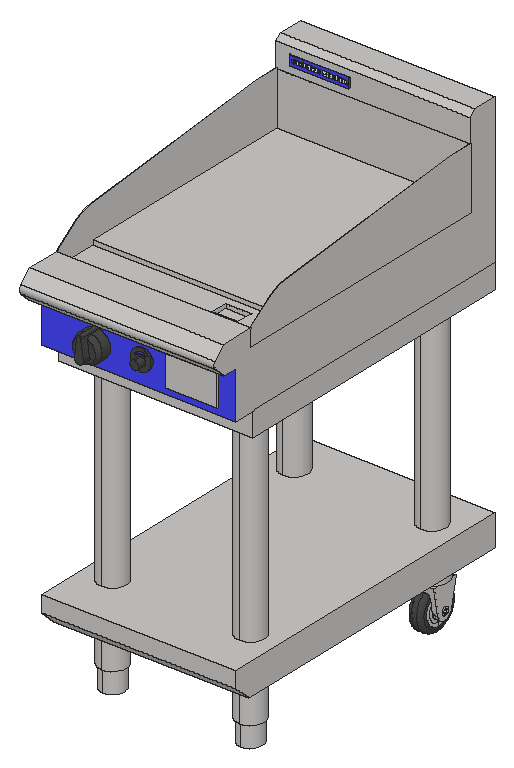
Revit family "QF_MOFFAT_BLUESEAL_CE_GP513-LS", category Specialty Equipment, Revit 2012
Parameters
  Weight in Pounds = 198  # constant formula
  URL Cutsheet = "www.moffat.com"
  URL = "www.moffat.com"
  Type Mark [instance] = ""
  Status [instance] = ""
  Specification by User [instance] = ""
  Specification by Manufacturer = ""
  Show Logo [instance] = yes
  Show Casters [instance] = yes
  Serial Number = ""
  Seismic Rating = ""
  SMACNA No = ""
  Revision Code [instance] = ""
  Omniclass Number and Title = ""
  NAFEM Spec ID Number = ""
  Model = "GP513-LS"
  Mechanical Remarks = ""
  Mechanical Connection Type = ""
  Masterspec = ""
  Manufacturer = "MOFFAT BLUESEAL"
  Legs [instance] = not(Show Casters)  # no
  Item Number [instance] = ""
  Installed By [instance] = ""
  Identify Quantity as Lot [instance] = yes
  Gas Size = 3/4"
  Gas RI Height [instance] = 0 mm
  Gas KW = 11.1
  Gas Input = 37912.0 Btu/h
  Gas Connection Height = 0 mm
  Furnished By [instance] = ""
  Foodservice Equipment Identifier [instance] = yes
  Description = "450MM GAS GRIDDLE PLATE ON LEG STAND"
  CSI MasterFormat = ""
  CSI Master Format = ""
  Base Height [instance] = 150 mm
Reference planes
  plane 1 "BACK": y = 0
  plane 2: z = 0
  plane 3 "LEFT": x = 0
  plane 4 "RIGHT": x = 450
  plane 5 "FRONT": y = -812
  plane 6 "TOP": z = 970
  plane 7 "Center Y": x = 225
  plane 8 "Center X": y = -406
  plane 9 "Base Height": z = 150
  plane 10: z = 915
  plane 11: y = -31
  plane 12: z = 710
  plane 13: x = 470
  plane 14: z = 1085
  plane 15: y = -625
  plane 16: y = -100
Forms (mm)
  Extrusion 1, solid, material "QF_Finishes_Stainless Steel"
    sketch origin (0, 0, 0) x (0, 1, 0) y (0, 0, 1)
      loop
        line (-749, 850) -> (-749, 740) -> (0, 740) -> (0, 1085) -> (-57.5, 1085) -> (-70, 1072.5) -> (-70, 875) -> (-705, 875) -> (-705, 915) -> (-783.97, 915) -> (-808.485, 890.485)
        arc (-808.485, 890.485) -> (-811.999, 882) -> (-808.485, 873.515) r 12
        line (-808.485, 873.515) -> (-784.97, 850) -> (-749, 850)
      loop
        line (0, 685) -> (0, 739.5) -> (-699, 739.5) -> (-699, 685) -> (0, 685)
      loop
        line (0, 222.5) -> (-749, 222.5) -> (-749, 186) -> (-713, 150) -> (0, 150) -> (0, 222.5)
    from 0 to 450
  Revolve 2, solid, material "QF_Finishes_Black"
    sketch origin (133.961, 7, 598.311) x (0, 1, 0) y (0, 0, -1)
      loop
        line (-789, -229.5) -> (-766, -229.5) -> (-766, -202) -> (-756, -202) -> (-756, -197) -> (-800, -197) -> (-800, -223.651) -> (-789, -229.5)
      axis (-800, -197) -> (-756, -197)
    angle from 0 to 360
  Extrusion 3, solid, material "QF_Finishes_Black"
    sketch origin (133.961, -759, 795.311) x (0, 0, 1) y (1, 0, 0)
      loop
        arc (32.192, -4.965) -> (37.079, 0.034) -> (32.192, 5.033) r 5
        line (32.192, 5.033) -> (-10.726, 10.453)
        arc (-10.726, 10.453) -> (-22.392, 0.618) -> (-11.893, -10.454) r 10.487
        line (-11.893, -10.454) -> (32.192, -4.965)
    from 0 to -49
  Extrusion 4, solid, material "QF_Finishes_Stainless Steel"
    sketch origin (0, 0, 222.5) x (0, -1, 0) y (1, 0, 0)
      loop
        circle (100, 65) r 31.75
      loop
        circle (625, 65) r 31.75
      loop
        circle (100, 384.371) r 31.75
      loop
        circle (625, 384.371) r 31.75
    from 0 to 462.5
  Revolve 5, solid, material "QF_Finishes_Stainless Steel", visible <- "Legs"
    sketch origin (65.5, -166, 0) x (0, 1, 0) y (0, 0, 1)
      loop
        line (34.25, 150) -> (34.25, 50) -> (38.5, 50) -> (38.5, 0) -> (66, 0) -> (66, 150) -> (34.25, 150)
      axis (66, 150) -> (66, 0)
    angle from 0 to 360
  Revolve 6, solid, material "QF_Finishes_Stainless Steel"
    sketch origin (65.5, -735, 0) x (0, 1, 0) y (0, 0, 1)
      loop
        line (78.25, 150) -> (78.25, 50) -> (82.5, 50) -> (82.5, 0) -> (110, 0) -> (110, 150) -> (78.25, 150)
      axis (110, 150) -> (110, 0)
    angle from 0 to 360
  Revolve 7, solid, material "QF_Finishes_Stainless Steel", visible <- "Legs"
    sketch origin (384.242, -166, 0) x (0, 1, 0) y (0, 0, -1)
      loop
        line (34.25, -150) -> (66, -150) -> (66, 0) -> (38.5, 0) -> (38.5, -50) -> (34.25, -50) -> (34.25, -150)
      axis (66, -150) -> (66, 0)
    angle from 0 to 360
  Revolve 8, solid, material "QF_Finishes_Stainless Steel"
    sketch origin (384.371, -728, 0) x (0, 1, 0) y (0, 0, -1)
      loop
        line (71.25, -150) -> (103, -150) -> (103, 0) -> (75.5, 0) -> (75.5, -50) -> (71.25, -50) -> (71.25, -150)
      axis (103, -150) -> (103, 0)
    angle from 0 to 360
  Revolve 9, solid, material "QF_Finishes_Stainless Steel", visible <- "Show Casters"
    sketch origin (16.276, -100.755, -13.653) x (1, 0, 0) y (0, 0, 1)
      loop
        line (14.841, 63.604) -> (83.584, 63.604) -> (83.584, 67.109) -> (82.314, 68.379) -> (80.79, 68.379) -> (80.79, 71.826) -> (68.644, 71.826) -> (68.644, 81.79) -> (65.088, 83.843) -> (63.738, 92.179) -> (65.881, 92.179) -> (65.881, 98.529) -> (65.088, 98.529) -> (65.088, 104.879)
        arc (65.088, 104.879) -> (62.298, 111.614) -> (55.563, 114.404) r 9.525
        line (55.563, 114.404) -> (42.863, 114.404)
        arc (42.863, 114.404) -> (36.127, 111.614) -> (33.338, 104.879) r 9.525
        line (33.338, 104.879) -> (33.338, 98.529) -> (32.544, 98.529) -> (32.544, 92.179) -> (34.687, 92.179) -> (33.352, 83.932) -> (29.782, 81.871) -> (29.782, 71.826) -> (17.635, 71.826) -> (17.635, 68.379) -> (16.111, 68.379) -> (14.841, 67.109) -> (14.841, 63.604)
      axis (14.841, 63.604) -> (83.584, 63.604)
    angle from 0 to 360
  Extrusion 10, solid, material "QF_Finishes_Stainless Steel", visible <- "Show Casters"
    sketch origin (72.001, 132.353, -8.783) x (0, 1, 0) y (0, 0, 1)
      loop
        line (-200.603, 118.783) -> (-264.103, 118.783) -> (-251.746, 53.895)
        arc (-251.746, 53.895) -> (-232.353, 38.783) -> (-212.959, 53.895) r 20
        line (-212.959, 53.895) -> (-200.603, 118.783)
    from -35.667 to 22.923
  Revolve 11, solid, material "QF_Finishes_Stainless Steel", visible <- "Show Casters"
    sketch origin (65.5, -204, 0) x (0, 1, 0) y (0, 0, 1)
      loop
        line (68.25, 150) -> (68.25, 110) -> (104, 110) -> (104, 150) -> (68.25, 150)
      axis (104, 150) -> (104, 110)
    angle from 0 to 360
  Revolve 12, solid, material "QF_Finishes_Stainless Steel", visible <- "Legs"
    sketch origin (65.5, -166, 0) x (0, 1, 0) y (0, 0, 1)
      loop
        line (34.25, 150) -> (34.25, 50) -> (38.5, 50) -> (38.5, 0) -> (66, 0) -> (66, 150) -> (34.25, 150)
      axis (66, 150) -> (66, 0)
    angle from 0 to 360
  Revolve 13, solid, material "QF_Finishes_Stainless Steel", visible <- "Show Casters"
    sketch origin (335.019, -100.755, -13.653) x (1, 0, 0) y (0, 0, 1)
      loop
        line (14.841, 63.604) -> (83.584, 63.604) -> (83.584, 67.109) -> (82.314, 68.379) -> (80.79, 68.379) -> (80.79, 71.826) -> (68.644, 71.826) -> (68.644, 81.79) -> (65.088, 83.843) -> (63.738, 92.179) -> (65.881, 92.179) -> (65.881, 98.529) -> (65.088, 98.529) -> (65.088, 104.879)
        arc (65.088, 104.879) -> (62.298, 111.614) -> (55.563, 114.404) r 9.525
        line (55.563, 114.404) -> (42.863, 114.404)
        arc (42.863, 114.404) -> (36.127, 111.614) -> (33.338, 104.879) r 9.525
        line (33.338, 104.879) -> (33.338, 98.529) -> (32.544, 98.529) -> (32.544, 92.179) -> (34.687, 92.179) -> (33.352, 83.932) -> (29.782, 81.871) -> (29.782, 71.826) -> (17.635, 71.826) -> (17.635, 68.379) -> (16.111, 68.379) -> (14.841, 67.109) -> (14.841, 63.604)
      axis (83.584, 63.604) -> (14.841, 63.604)
    angle from 0 to 360
  Extrusion 14, solid, material "QF_Finishes_Stainless Steel", visible <- "Show Casters"
    sketch origin (390.743, 132.353, -8.783) x (0, 1, 0) y (0, 0, 1)
      loop
        line (-200.603, 118.783) -> (-264.103, 118.783) -> (-251.746, 53.895)
        arc (-251.746, 53.895) -> (-232.353, 38.783) -> (-212.959, 53.895) r 20
        line (-212.959, 53.895) -> (-200.603, 118.783)
    from -35.667 to 22.923
  Revolve 15, solid, material "QF_Finishes_Stainless Steel", visible <- "Show Casters"
    sketch origin (384.242, -204, 0) x (0, 1, 0) y (0, 0, 1)
      loop
        line (68.25, 150) -> (68.25, 110) -> (104, 110) -> (104, 150) -> (68.25, 150)
      axis (104, 150) -> (104, 110)
    angle from 0 to 360
  Extrusion 16, solid, material "QF_Finishes_Black"
    sketch origin (-1.25, -749, 864.021) x (0, 0, -1) y (1, 0, 0)
      loop
        circle (70, 235) r 24
      loop
        arc (60.1, 249.913) -> (52.064, 235.125) -> (59.882, 220.219) r 17.868
        arc (59.882, 220.219) -> (60.362, 219.934) -> (60.877, 220.149) r 0.621
        arc (60.877, 220.149) -> (62.314, 222.708) -> (62.658, 225.622) r 7.495
        arc (62.658, 225.622) -> (62.454, 226.55) -> (62.006, 227.388) r 3.472
        arc (62.006, 227.388) -> (59.714, 234.851) -> (61.844, 242.362) r 13.786
        arc (61.844, 242.362) -> (62.484, 243.632) -> (62.749, 245.028) r 5.101
        arc (62.749, 245.028) -> (62.378, 247.547) -> (61.084, 249.739) r 6.611
        arc (61.084, 249.739) -> (60.622, 249.997) -> (60.1, 249.913) r 0.806
    from 0 to 5
  Extrusion 17, solid, material "QF_Finishes_Black"
    sketch origin (-1.25, -754, 864.021) x (0, 0, -1) y (1, 0, 0)
      loop
        circle (73.5, 235) r 10
    from 0 to 18.251
  Extrusion 18, solid, material "QF_Finishes_Stainless Steel"
    sketch origin (450, -749, 867.771) x (0, 0, -1) y (1, 0, 0)
      loop
        line (26.5, -161) -> (113.5, -161) -> (113.5, -42) -> (26.5, -42) -> (26.5, -161)
    from 0 to 2.5
  Extrusion 19, solid, material "QF_Finishes_Stainless Steel"
    sketch origin (450, 0, 1.771) x (0, -1, 0) y (0, 0, 1)
      loop
        line (751.5, 839.5) -> (751.5, 837) -> (769.695, 837) -> (769.695, 839.5) -> (751.5, 839.5)
    from 42 to 161
  Extrusion 20, solid, material "QF_Finishes_Stainless Steel"
    sketch origin (0, 0, 0) x (1, 0, 0) y (0, 1, 0)
      loop
        circle (320, -31) r 9.525
    from 655 to 685
Lines and regions (mm)
  symbolic lines, style "SpecialityEquipmentHiddenLines", visible <- "Show Casters"
    curve 1: line (78.456, -46.735, 0) -> (105.952, -62.61, 0)
    curve 2: line (27.656, -134.723, 0) -> (78.456, -46.735, 0)
    curve 3: line (55.152, -150.598, 0) -> (27.656, -134.723, 0)
    curve 4: line (105.952, -62.61, 0) -> (55.152, -150.598, 0)
    curve 20: line (397.198, -46.735, 0) -> (424.694, -62.61, 0)
    curve 21: line (346.398, -134.723, 0) -> (397.198, -46.735, 0)
    curve 22: line (373.894, -150.598, 0) -> (346.398, -134.723, 0)
    curve 23: line (424.694, -62.61, 0) -> (373.894, -150.598, 0)
  symbolic lines
    curve 5: line (421.959, -18.385, 0) -> (44, -18.385, 0)
    curve 6: arc (44, -18.385, 0) -> (35.34, -23.385, 0) -> (35.34, -33.385, 0) r 10
    curve 7: line (35.34, -33.385, 0) -> (39.381, -40.385, 0)
    curve 8: arc (39.381, -40.385, 0) -> (43.041, -44.045, 0) -> (48.041, -45.385, 0) r 10
    curve 9: line (48.041, -45.385, 0) -> (426, -45.385, 0)
    curve 10: arc (426, -45.385, 0) -> (434.66, -40.385, 0) -> (434.66, -30.385, 0) r 10
    curve 11: line (434.66, -30.385, 0) -> (430.619, -23.385, 0)
    curve 12: arc (430.619, -23.385, 0) -> (426.959, -19.725, 0) -> (421.959, -18.385, 0) r 10
    curve 13: line (0, -783.97, 0) -> (450, -783.97, 0)
    curve 14: line (0, 0, 0) -> (0, -811.999, 0)
    curve 15: line (450, -811.999, 0) -> (450, 0, 0)
    curve 16: line (450, -811.999, 0) -> (0, -811.999, 0)
    curve 17: line (0, -70, 0) -> (450, -70, 0)
    curve 18: line (0, -57.5, 0) -> (450, -57.5, 0)
    curve 19: line (450, 0, 0) -> (0, 0, 0)
Dimensions and locks
  equal spacing: plane 3 "LEFT", plane 7 "Center Y", plane 4 "RIGHT"
  plane 3 "LEFT" to plane 4 "RIGHT" = 450 mm
  equal spacing: plane 5 "FRONT", plane 8 "Center X", plane 1 "BACK"
  plane 5 "FRONT" to plane 1 "BACK" = 812 mm  (x2)
  equal spacing: plane 4 "RIGHT", plane 7 "Center Y", plane 3 "LEFT"
  plane 4 "RIGHT" to plane 3 "LEFT" = 450 mm
  "Base Height": plane 9 "Base Height" to level
  plane 6 "TOP" to level = 970 mm
  plane 10 to level = 915 mm
  plane 11 to plane 1 "BACK" = 31 mm
  plane 12 to level = 710 mm
  plane 4 "RIGHT" to plane 13 = 20 mm
  plane 14 to plane 2 = 1085 mm
  Revolve 9 sketch curve to Revolve 9 sketch curve = 50.8 mm
  Revolve 13 sketch curve to Revolve 13 sketch curve = 50.8 mm
  Extrusion 20 sketch curve to plane 4 "RIGHT" = 130 mm
  aligned and locked: level to plane 2
Automatic sketch dimensions
  plane 10 to Extrusion 1 sketch curve = 0 mm
  Extrusion 1 sketch curve to plane 9 "Base Height" = 0 mm
  plane 14 to Extrusion 1 sketch curve = 0 mm
  Extrusion 1 sketch curve to plane 1 "BACK" = 0 mm  (x3)
  Extrusion 1 sketch curve to plane 11 = 26.5 mm
  plane 14 to Extrusion 1 sketch curve = 12.5 mm
  Extrusion 1 sketch curve to Extrusion 1 sketch curve = 12.5 mm
  Extrusion 1 sketch curve to plane 12 = 25 mm
  Extrusion 1 sketch curve to plane 5 "FRONT" = 113 mm
  Extrusion 1 sketch curve to plane 5 "FRONT" = 107 mm
  Extrusion 1 sketch curve to plane 5 "FRONT" = 99 mm
  Extrusion 1 sketch curve to Extrusion 1 sketch curve = 44 mm
  Extrusion 1 sketch curve to Extrusion 1 sketch curve = 36 mm
  Extrusion 1 sketch curve to plane 5 "FRONT" = 28.03 mm
  Extrusion 1 sketch curve to plane 5 "FRONT" = 27.03 mm
  Extrusion 1 sketch curve to plane 5 "FRONT" = 12.001 mm
  Extrusion 1 sketch curve to plane 5 "FRONT" = 3.515 mm  (x2)
  plane 9 "Base Height" to Extrusion 1 sketch curve = 36 mm
  plane 9 "Base Height" to Extrusion 1 sketch curve = 72.5 mm
  plane 12 to Extrusion 1 sketch curve = 29.5 mm
  Extrusion 1 sketch curve to Extrusion 1 sketch curve = 0.5 mm
  plane 10 to Extrusion 1 sketch curve = 65 mm
  Extrusion 1 sketch curve to Extrusion 1 sketch curve = 23.515 mm
  plane 10 to Extrusion 1 sketch curve = 40 mm
  Extrusion 1 sketch curve to Extrusion 1 sketch curve = 8.485 mm
  Revolve 2 sketch curve to plane 5 "FRONT" = 19 mm
  Revolve 2 sketch curve to Revolve 2 sketch curve = 0 mm  (x2)
  Revolve 2 sketch curve to Revolve 2 sketch curve = 11 mm
  Revolve 2 sketch curve to Revolve 2 sketch curve = 12.7 mm
  Revolve 2 sketch curve to Revolve 2 sketch curve = 23 mm
  Revolve 2 sketch curve to Revolve 2 sketch curve = 10 mm
  plane 10 to Revolve 2 sketch curve = 87.189 mm
  Revolve 2 sketch curve to Revolve 2 sketch curve = 5.849 mm
  Revolve 2 sketch curve to Revolve 2 sketch curve = 27.5 mm
  Revolve 2 sketch curve to Revolve 2 sketch curve = 5 mm
  Extrusion 4 sketch curve to Extrusion 4 sketch curve = 0 mm  (x8)
  Extrusion 1 to Extrusion 4 sketch curve = 68.25 mm  (x2)
  Extrusion 4 sketch curve to Extrusion 4 sketch curve = 31.75 mm  (x4)
  Extrusion 4 sketch curve to Extrusion 1 = 155.75 mm  (x2)
  Extrusion 1 to Extrusion 4 sketch curve = 65 mm  (x2)
  Extrusion 1 to Extrusion 4 sketch curve = 65.629 mm  (x2)
  Revolve 5 sketch curve to plane 9 "Base Height" = 0 mm
  Revolve 5 sketch curve to level = 0 mm
  Revolve 5 sketch curve to plane 11 = 100.75 mm
  Revolve 5 sketch curve to Revolve 5 sketch curve = 4.25 mm
  Revolve 5 sketch curve to Revolve 5 sketch curve = 27.5 mm  (x2)
  Revolve 5 sketch curve to Revolve 5 sketch curve = 55 mm
  level to Revolve 5 sketch curve = 50 mm
  Revolve 5 sketch curve to Revolve 5 sketch curve = 0 mm
  Revolve 6 sketch curve to plane 9 "Base Height" = 0 mm
  Revolve 6 sketch curve to level = 0 mm
  level to Revolve 6 sketch curve = 50 mm
  Revolve 6 sketch curve to plane 5 "FRONT" = 155.25 mm
  Revolve 6 sketch curve to Revolve 6 sketch curve = 4.25 mm
  Revolve 6 sketch curve to Revolve 6 sketch curve = 27.5 mm  (x2)
  Revolve 6 sketch curve to Revolve 6 sketch curve = 55 mm
  Revolve 6 sketch curve to Revolve 6 sketch curve = 0 mm
  Revolve 7 sketch curve to plane 9 "Base Height" = 0 mm
  Revolve 7 sketch curve to level = 0 mm
  Revolve 7 sketch curve to plane 11 = 100.75 mm
  Revolve 7 sketch curve to Revolve 7 sketch curve = 4.25 mm
  Revolve 7 sketch curve to Revolve 7 sketch curve = 27.5 mm  (x2)
  level to Revolve 7 sketch curve = 50 mm
  Revolve 7 sketch curve to Revolve 7 sketch curve = 0 mm
  Revolve 7 sketch curve to Revolve 7 sketch curve = 55 mm
  Revolve 8 sketch curve to plane 9 "Base Height" = 0 mm
  Revolve 8 sketch curve to level = 0 mm
  level to Revolve 8 sketch curve = 50 mm
  Revolve 8 sketch curve to plane 5 "FRONT" = 155.25 mm
  Revolve 8 sketch curve to Revolve 8 sketch curve = 4.25 mm
  Revolve 8 sketch curve to Revolve 8 sketch curve = 27.5 mm  (x2)
  Revolve 8 sketch curve to Revolve 8 sketch curve = 0 mm
  Revolve 8 sketch curve to Revolve 8 sketch curve = 55 mm
  plane 3 "LEFT" to Revolve 9 sketch curve = 31.118 mm
  Revolve 9 sketch curve to Revolve 9 sketch curve = 1.27 mm  (x4)
  Revolve 9 sketch curve to Revolve 9 sketch curve = 1.524 mm  (x2)
  Revolve 9 sketch curve to Revolve 9 sketch curve = 12.146 mm  (x2)
  Revolve 9 sketch curve to Revolve 9 sketch curve = 2.762 mm
  Revolve 9 sketch curve to Revolve 9 sketch curve = 0.794 mm  (x2)
  Revolve 9 sketch curve to Revolve 9 sketch curve = 3.57 mm
  Revolve 9 sketch curve to Revolve 9 sketch curve = 2.143 mm
  Revolve 9 sketch curve to Revolve 9 sketch curve = 9.525 mm
  Revolve 9 sketch curve to Revolve 9 sketch curve = 24.572 mm
  Revolve 9 sketch curve to Revolve 9 sketch curve = 12.7 mm
  Revolve 9 sketch curve to Revolve 9 sketch curve = 8.176 mm
  Revolve 9 sketch curve to Revolve 9 sketch curve = 1.349 mm  (x2)
  Revolve 9 sketch curve to Revolve 9 sketch curve = 3.556 mm
  Revolve 9 sketch curve to Revolve 9 sketch curve = 33.32 mm
  level to Revolve 9 sketch curve = 49.952 mm
  Revolve 9 sketch curve to Revolve 9 sketch curve = 0 mm
  Revolve 9 sketch curve to Revolve 9 sketch curve = 3.505 mm  (x2)
  Revolve 9 sketch curve to Revolve 9 sketch curve = 3.447 mm  (x2)
  Revolve 9 sketch curve to Revolve 9 sketch curve = 9.964 mm
  Revolve 9 sketch curve to Revolve 9 sketch curve = 10.045 mm
  Revolve 9 sketch curve to Revolve 9 sketch curve = 2.053 mm
  Revolve 9 sketch curve to Revolve 9 sketch curve = 2.061 mm
  Revolve 9 sketch curve to Revolve 9 sketch curve = 8.247 mm
  Revolve 9 sketch curve to Revolve 9 sketch curve = 8.336 mm
  Revolve 9 sketch curve to Revolve 9 sketch curve = 6.35 mm  (x2)
  Extrusion 10 sketch curve to plane 9 "Base Height" = 40 mm
  Extrusion 10 sketch curve to plane 11 = 100.75 mm
  Extrusion 10 sketch curve to Extrusion 10 sketch curve = 12.357 mm
  Extrusion 10 sketch curve to Extrusion 10 sketch curve = 19.393 mm  (x2)
  level to Extrusion 10 sketch curve = 45.111 mm
  Extrusion 10 sketch curve to plane 11 = 37.25 mm
  Extrusion 10 sketch curve to Extrusion 10 sketch curve = 4.889 mm
  Revolve 11 sketch curve to plane 9 "Base Height" = 0 mm
  Revolve 11 sketch curve to plane 9 "Base Height" = 40 mm
  Revolve 11 sketch curve to plane 11 = 104.75 mm
  Revolve 11 sketch curve to plane 11 = 69 mm
  Revolve 11 sketch curve to Revolve 11 sketch curve = 35.75 mm
  level to Revolve 11 sketch curve = 50 mm
  Revolve 11 sketch curve to level = 55 mm
  Revolve 12 sketch curve to plane 9 "Base Height" = 0 mm
  Revolve 12 sketch curve to level = 0 mm
  Revolve 12 sketch curve to plane 11 = 100.75 mm
  Revolve 12 sketch curve to Revolve 12 sketch curve = 4.25 mm
  Revolve 12 sketch curve to Revolve 12 sketch curve = 27.5 mm  (x2)
  Revolve 12 sketch curve to level = 55 mm
  Revolve 12 sketch curve to Revolve 12 sketch curve = 50 mm
  Revolve 12 sketch curve to Revolve 12 sketch curve = 0 mm
  Revolve 13 sketch curve to plane 13 = 120.14 mm
  Revolve 13 sketch curve to Revolve 13 sketch curve = 1.27 mm  (x4)
  Revolve 13 sketch curve to Revolve 13 sketch curve = 1.524 mm  (x2)
  Revolve 13 sketch curve to Revolve 13 sketch curve = 12.146 mm  (x2)
  Revolve 13 sketch curve to Revolve 13 sketch curve = 2.762 mm
  Revolve 13 sketch curve to Revolve 13 sketch curve = 0.794 mm  (x2)
  Revolve 13 sketch curve to Revolve 13 sketch curve = 3.57 mm
  Revolve 13 sketch curve to Revolve 13 sketch curve = 2.143 mm
  Revolve 13 sketch curve to Revolve 13 sketch curve = 9.525 mm
  Revolve 13 sketch curve to Revolve 13 sketch curve = 24.572 mm
  Revolve 13 sketch curve to Revolve 13 sketch curve = 12.7 mm
  Revolve 13 sketch curve to Revolve 13 sketch curve = 8.176 mm
  Revolve 13 sketch curve to Revolve 13 sketch curve = 1.349 mm  (x2)
  Revolve 13 sketch curve to Revolve 13 sketch curve = 3.556 mm
  plane 4 "RIGHT" to Revolve 13 sketch curve = 148.077 mm
  level to Revolve 13 sketch curve = 49.952 mm
  Revolve 13 sketch curve to Revolve 13 sketch curve = 0 mm
  Revolve 13 sketch curve to Revolve 13 sketch curve = 3.505 mm  (x2)
  Revolve 13 sketch curve to Revolve 13 sketch curve = 3.447 mm  (x2)
  Revolve 13 sketch curve to Revolve 13 sketch curve = 9.964 mm
  Revolve 13 sketch curve to Revolve 13 sketch curve = 10.045 mm
  Revolve 13 sketch curve to Revolve 13 sketch curve = 2.053 mm
  Revolve 13 sketch curve to Revolve 13 sketch curve = 2.061 mm
  Revolve 13 sketch curve to Revolve 13 sketch curve = 8.247 mm
  Revolve 13 sketch curve to Revolve 13 sketch curve = 8.336 mm
  Revolve 13 sketch curve to Revolve 13 sketch curve = 6.35 mm  (x2)
  Extrusion 14 sketch curve to plane 9 "Base Height" = 40 mm
  Extrusion 14 sketch curve to plane 11 = 100.75 mm
  Extrusion 14 sketch curve to Extrusion 14 sketch curve = 12.357 mm
  Extrusion 14 sketch curve to Extrusion 14 sketch curve = 19.393 mm  (x2)
  level to Extrusion 14 sketch curve = 45.111 mm
  Extrusion 14 sketch curve to plane 11 = 37.25 mm
  Extrusion 14 sketch curve to Extrusion 14 sketch curve = 4.889 mm
  Revolve 15 sketch curve to plane 9 "Base Height" = 0 mm
  Revolve 15 sketch curve to plane 9 "Base Height" = 40 mm
  Revolve 15 sketch curve to plane 11 = 104.75 mm
  Revolve 15 sketch curve to plane 11 = 69 mm
  Revolve 15 sketch curve to Revolve 15 sketch curve = 35.75 mm
  level to Revolve 15 sketch curve = 50 mm
  Revolve 15 sketch curve to level = 55 mm
  Extrusion 3 sketch curve to Revolve 2 = 0.034 mm  (x2)
  Revolve 2 to Extrusion 3 sketch curve = 10.454 mm
  Extrusion 3 sketch curve to Extrusion 3 sketch curve = 0.028 mm
  Extrusion 3 sketch curve to Revolve 2 = 10.453 mm
  Extrusion 3 sketch curve to Extrusion 3 sketch curve = 44 mm
  Extrusion 3 sketch curve to Revolve 2 = 5.033 mm
  Extrusion 3 sketch curve to Extrusion 3 sketch curve = 0.113 mm
  Revolve 2 to Extrusion 3 sketch curve = 4.965 mm
  Extrusion 16 sketch curve to plane 7 "Center Y" = 1.223 mm
  plane 9 "Base Height" to Extrusion 16 sketch curve = 658.834 mm
  Extrusion 16 sketch curve to Extrusion 16 sketch curve = 0.958 mm
  Extrusion 16 sketch curve to Extrusion 16 sketch curve = 1.509 mm
  Extrusion 16 sketch curve to Extrusion 16 sketch curve = 4.01 mm
  Extrusion 16 sketch curve to Extrusion 16 sketch curve = 0.685 mm
  Extrusion 16 sketch curve to Extrusion 16 sketch curve = 2.447 mm
  Extrusion 16 sketch curve to Extrusion 16 sketch curve = 0.524 mm
  Extrusion 16 sketch curve to Extrusion 16 sketch curve = 0.381 mm
  Extrusion 16 sketch curve to Extrusion 16 sketch curve = 0.472 mm
  Extrusion 16 sketch curve to Extrusion 16 sketch curve = 0 mm  (x4)
  Extrusion 16 sketch curve to Extrusion 16 sketch curve = 0.602 mm
  Extrusion 16 sketch curve to Extrusion 16 sketch curve = 4.19 mm
  plane 7 "Center Y" to Extrusion 16 sketch curve = 1.138 mm
  Extrusion 16 sketch curve to Extrusion 16 sketch curve = 2.809 mm
  Extrusion 16 sketch curve to plane 7 "Center Y" = 0.628 mm
  Extrusion 16 sketch curve to Extrusion 16 sketch curve = 0.652 mm
  Extrusion 16 sketch curve to Extrusion 16 sketch curve = 0.905 mm
  Extrusion 16 sketch curve to Extrusion 16 sketch curve = 8.087 mm
  Extrusion 16 sketch curve to Extrusion 16 sketch curve = 0.069 mm
  Extrusion 16 sketch curve to Extrusion 16 sketch curve = 3.5 mm
  plane 7 "Center Y" to Extrusion 16 sketch curve = 8.743 mm
  Extrusion 16 sketch curve to Extrusion 16 sketch curve = 0.007 mm
  plane 4 "RIGHT" to Extrusion 18 sketch curve = 42 mm
  plane 9 "Base Height" to Extrusion 18 sketch curve = 691.271 mm
  plane 9 "Base Height" to Extrusion 18 sketch curve = 604.271 mm
  plane 7 "Center Y" to Extrusion 18 sketch curve = 64 mm
  Extrusion 19 sketch curve to plane 5 "FRONT" = 60.5 mm
  Extrusion 19 sketch curve to Extrusion 19 sketch curve = 18.195 mm
  plane 9 "Base Height" to Extrusion 19 sketch curve = 688.771 mm
  Extrusion 19 sketch curve to Extrusion 19 sketch curve = 2.5 mm
  Extrusion 20 sketch curve to plane 11 = 0 mm
  curve 13 to plane 3 "LEFT" = 0 mm
  plane 1 "BACK" to curve 19 = 0 mm
  curve 19 to plane 4 "RIGHT" = 0 mm
  plane 3 "LEFT" to curve 2 = 27.656 mm
  curve 7 to plane 11 = 2.385 mm
  plane 3 "LEFT" to curve 7 = 35.34 mm
  curve 7 to plane 11 = 9.385 mm
  curve 7 to curve 7 = 4.041 mm
  plane 11 to curve 6 = 2.615 mm
  curve 7 to curve 6 = 8.66 mm
  curve 6 to curve 8 = 4.041 mm
  curve 2 to curve 3 = 27.496 mm
  curve 1 to plane 11 = 15.735 mm
  curve 8 to curve 1 = 30.414 mm
  plane 16 to curve 22 = 34.723 mm
  plane 4 "RIGHT" to curve 22 = 103.602 mm
  plane 16 to curve 22 = 50.598 mm
  curve 21 to curve 22 = 27.496 mm
  curve 21 to plane 11 = 15.735 mm
  plane 4 "RIGHT" to curve 5 = 28.041 mm
  curve 20 to curve 9 = 1.306 mm
  plane 11 to curve 11 = 7.615 mm
  curve 5 to curve 11 = 8.66 mm
  plane 11 to curve 10 = 0.615 mm
  curve 11 to curve 10 = 4.041 mm
  plane 16 to curve 4 = 50.598 mm
  curve 13 to plane 5 "FRONT" = 28.03 mm
  curve 16 to plane 5 "FRONT" = 0.001 mm
  curve 17 to plane 16 = 30 mm
  curve 17 to curve 18 = 12.5 mm
  curve 8 to curve 7 = 5 mm
  radius of Extrusion 16 sketch curve = 24 mm
  radius of Extrusion 17 sketch curve to Extrusion 16 = 3.786 mm
  radius of Extrusion 20 sketch curve = 9.525 mm
Nested families
  nested 1: "WALDORF LOGO_FACE BASE" at (32, -70, 1057.475) x (1, 0, 0) z (0, -1, 0), visible <- "Show Logo", type "WALDORF LOGO_FACE BASE", detail levels medium+fine
    with Show Logo yes
  nested 2: "GAS GRIDDLE PLATE 450" at (0, -70, 874.5), type "GAS GRIDDLE PLATE 450"
    with Width 450 mm, Type Mark "", Status "", Specification by User "", Show Clearance yes, Revision Code "", Number of Poles 1, Mechanical Remarks "", Mechanical Connection Type "", Item Number "", Installed By "", Identify Quantity as Lot yes, Gas RI Height 0 mm, Gas KW 0, Gas Input 0.0 Btu/h, Furnished By "", Foodservice Equipment Identifier yes, Electrical Remarks "", Electric Connection Type "", Elec Conn RI Height 0 mm, Elec Conn Connection Height 0 mm, Depth 635 mm
Connectors
  piping at (320, -31, 655)
    settings: on Extrusion 20, index 1, connector radius 0.37402", flow factor 0, pipe flow 0 GPM, pressure drop 0.00 psi, fitting loss kfactor 0, connector angle 0.00°, fixture units 0, engagement length 0 mm, flow configuration 1, flow direction 1, fitting loss method 0, system type 7, joint type 0, gender type 0, connector reference index -1, connector utility 0, adjustable connector no, is connector primary yes, fitting loss table "", connector description "GAS CONNECTION"
Definition of nested family "WALDORF LOGO_FACE BASE"
  Parameters (values of type "WALDORF LOGO_FACE BASE")
    Show Logo [instance] = yes
    Default Elevation = 1219.2 mm
  Reference planes
    plane 1 "Center (Front/Back)": y = 0
    plane 2: z = 0
    plane 3 "Center (Left/Right)": x = 0
  Forms (mm)
    Extrusion 1, solid
      sketch origin (0, 0, 0) x (1, 0, 0) y (0, 1, 0)
        loop
          line (-1219.2, 1219.2) -> (-1219.2, -1219.2) -> (1219.2, -1219.2) -> (1219.2, 1219.2) -> (-1219.2, 1219.2)
      from 0 to -304.8
    Extrusion 2, solid, material "QF_Finishes_Blue", visible <- "Show Logo"
      sketch origin (0, -33.217, 0) x (1, 0, 0) y (0, 1, 0)
        loop
          arc (138, 31.942) -> (137.626, 32.844) -> (136.724, 33.217) r 1.276
          line (136.724, 33.217) -> (1.29, 33.217)
          arc (1.29, 33.217) -> (0.378, 32.839) -> (0, 31.927) r 1.29
          line (0, 31.927) -> (0, 11.507)
          arc (0, 11.507) -> (0.378, 10.595) -> (1.29, 10.217) r 1.29
          line (1.29, 10.217) -> (136.71, 10.217)
          arc (136.71, 10.217) -> (137.622, 10.595) -> (138, 11.507) r 1.29
          line (138, 11.507) -> (138, 31.942)
      from 0 to 1.588
    Extrusion 3, solid, material "QF_Finishes_White", visible <- "Show Logo"
      sketch origin (0, -33.217, 1.588) x (1, 0, 0) y (0, 1, 0)
        loop
          arc (108.946, 25.919) -> (107.613, 25.367) -> (107.061, 24.034) r 1.885
          line (107.061, 24.034) -> (107.061, 17.211) -> (112.704, 17.211) -> (112.704, 19.129) -> (115.546, 19.129) -> (115.546, 17.211) -> (121.584, 17.211) -> (121.584, 24.075)
          arc (121.584, 24.075) -> (121.043, 25.379) -> (119.739, 25.919) r 1.845
          line (119.739, 25.919) -> (108.946, 25.919)
        loop
          line (123.478, 25.919) -> (123.478, 17.163) -> (134.904, 17.163) -> (134.904, 19.129) -> (129.246, 19.129) -> (129.246, 25.919) -> (123.478, 25.919)
        loop
          line (112.704, 21.258) -> (115.546, 21.258) -> (115.546, 22.702)
          arc (115.546, 22.702) -> (115.344, 23.188) -> (114.858, 23.389) r 0.687
          line (114.858, 23.389) -> (113.363, 23.389)
          arc (113.363, 23.389) -> (112.897, 23.196) -> (112.704, 22.73) r 0.658
          line (112.704, 22.73) -> (112.704, 21.258)
        loop
          line (105.071, 25.919) -> (93.771, 25.919) -> (93.771, 17.163) -> (105.071, 17.163) -> (105.071, 19.063) -> (99.535, 19.063) -> (99.535, 20.437) -> (105.071, 20.437) -> (105.071, 22.278) -> (99.535, 22.278) -> (99.535, 23.587) -> (105.071, 23.587) -> (105.071, 25.919)
        loop
          line (91.104, 25.919) -> (79.541, 25.919)
          arc (79.541, 25.919) -> (78.558, 25.513) -> (78.152, 24.53) r 1.389
          line (78.152, 24.53) -> (78.152, 22.08)
          arc (78.152, 22.08) -> (78.558, 21.098) -> (79.541, 20.691) r 1.389
          line (79.541, 20.691) -> (86.346, 20.691) -> (86.346, 18.864) -> (83.266, 18.864) -> (83.266, 19.664) -> (78.152, 19.664) -> (78.152, 18.553)
          arc (78.152, 18.553) -> (78.558, 17.57) -> (79.541, 17.163) r 1.389
          line (79.541, 17.163) -> (91.063, 17.163)
          arc (91.063, 17.163) -> (92.045, 17.57) -> (92.452, 18.553) r 1.389
          line (92.452, 18.553) -> (92.452, 20.691)
          arc (92.452, 20.691) -> (92.045, 21.673) -> (91.063, 22.08) r 1.389
          line (91.063, 22.08) -> (83.266, 22.08) -> (83.266, 23.984) -> (86.346, 23.984) -> (86.346, 22.743) -> (92.452, 22.743) -> (92.452, 24.571)
          arc (92.452, 24.571) -> (92.057, 25.524) -> (91.104, 25.919) r 1.348
        loop
          line (70.705, 25.919) -> (59.405, 25.919) -> (59.405, 17.163) -> (70.705, 17.163) -> (70.705, 19.063) -> (65.169, 19.063) -> (65.169, 20.437) -> (70.705, 20.437) -> (70.705, 22.278) -> (65.169, 22.278) -> (65.169, 23.587) -> (70.705, 23.587) -> (70.705, 25.919)
        loop
          line (57.598, 25.919) -> (51.7, 25.919) -> (51.7, 20.18)
          arc (51.7, 20.18) -> (50.63, 19.11) -> (49.56, 20.18) r 1.07
          line (49.56, 20.18) -> (49.56, 25.919) -> (43.663, 25.919) -> (43.663, 19.049)
          arc (43.663, 19.049) -> (44.215, 17.716) -> (45.548, 17.163) r 1.885
          line (45.548, 17.163) -> (55.71, 17.163)
          arc (55.71, 17.163) -> (57.045, 17.716) -> (57.598, 19.051) r 1.887
          line (57.598, 19.051) -> (57.598, 25.919)
        loop
          line (31.62, 25.919) -> (31.62, 17.163) -> (43.046, 17.163) -> (43.046, 19.129) -> (37.388, 19.129) -> (37.388, 25.919) -> (31.62, 25.919)
        loop
          line (15.969, 25.919) -> (15.969, 17.163) -> (28.693, 17.163)
          arc (28.693, 17.163) -> (29.812, 17.627) -> (30.276, 18.746) r 1.582
          line (30.276, 18.746) -> (30.276, 20.447) -> (29.48, 21.243) -> (30.276, 22.039) -> (30.276, 24.332)
          arc (30.276, 24.332) -> (29.811, 25.454) -> (28.688, 25.919) r 1.587
          line (28.688, 25.919) -> (15.969, 25.919)
        loop
          line (21.449, 24.159) -> (21.449, 22.436) -> (23.862, 22.436)
          arc (23.862, 22.436) -> (24.723, 23.298) -> (23.862, 24.159) r 0.861
          line (23.862, 24.159) -> (21.449, 24.159)
        loop
          line (21.449, 20.244) -> (21.449, 18.522) -> (23.862, 18.522)
          arc (23.862, 18.522) -> (24.723, 19.383) -> (23.862, 20.244) r 0.861
          line (23.862, 20.244) -> (21.449, 20.244)
      from 0 to 0.2
    Extrusion 4, solid, material "QF_Finishes_Blue", visible <- "Show Logo"
      sketch origin (-126.498, -31.09, 1.588) x (1, 0, 0) y (0, 1, 0)
        loop
          line (136.738, 23.522) -> (136.738, 15.1)
          arc (136.738, 15.1) -> (140.756, 19.311) -> (136.738, 23.522) r 4.216
      from 0 to 0.2
    Extrusion 5, solid, material "QF_Finishes_Red", visible <- "Show Logo"
      sketch origin (146.849, -31.09, 1.588) x (-1, 0, 0) y (0, -1, 0)
        loop
          arc (136.738, -23.522) -> (140.756, -19.311) -> (136.738, -15.1) r 4.216
          line (136.738, -15.1) -> (136.738, -23.522)
      from 0 to 0.2
  Lines and regions (mm)
    Split face 1
      outline origin (-90.35, -30.793, 1.588) x (1, 0, 0) y (0, 1, 0)
        loop
          circle (100.54, 19.013) r 4.536
  Dimensions and locks
    aligned and locked: plane 2 to Extrusion 1
    aligned and locked: level to Extrusion 1
Definition of nested family "GAS GRIDDLE PLATE 450"
  Parameters (values of type "GAS GRIDDLE PLATE 450")
    Width [instance] = 450 mm
    Weight in Pounds = 0
    Watts = 0 W
    Volts = 0 V
    URL Cutsheet = ""
    Type Mark [instance] = ""
    Status [instance] = ""
    Specification by User [instance] = ""
    Specification by Manufacturer = ""
    Show Clearance [instance] = yes
    Serial Number = ""
    Seismic Rating = ""
    SMACNA No = ""
    Revision Code [instance] = ""
    Phase = 1
    Omniclass Number and Title = ""
    Number of Poles [instance] = 1
    NAFEM Spec ID Number = ""
    Min Ckt Ampacity = 0 A
    Mechanical Remarks [instance] = ""
    Mechanical Connection Type [instance] = ""
    Max Overcurrent Protection = 0 A
    Masterspec = ""
    Item Number [instance] = ""
    Installed By [instance] = ""
    Identify Quantity as Lot [instance] = yes
    HP = ""
    Gas Size = 0"
    Gas RI Height [instance] = 0 mm
    Gas KW [instance] = 0
    Gas Input [instance] = 0.0 Btu/h
    Gas Connection Height = 0 mm
    Furnished By [instance] = ""
    Foodservice Equipment Identifier [instance] = yes
    FL Amps = 0 A
    Electrical Remarks [instance] = ""
    Electric Connection Type [instance] = ""
    Elec Conn RI Height [instance] = 0 mm
    Elec Conn Connection Height [instance] = 0 mm
    Depth [instance] = 635 mm
    Cycle = 0 Hz
    Conn Plug = ""
    Conn Conduit = yes
    CSI MasterFormat = ""
    CSI Master Format = ""
    Apparent Power = if(Phase = 3, Volts * FL Amps * 1.73, Volts * FL Amps)  # 0 VA
  Reference planes
    plane 1 "BACK": y = 0
    plane 2: z = 0
    plane 3 "LEFT": x = 0
    plane 4 "RIGHT": x = 450
    plane 5 "FRONT": y = -635
    plane 6 "TOP": z = 142.5
    plane 7 "Center Y": x = 225
    plane 8 "Center X": y = -317.5
    plane 9: y = -530.997
    plane 10: y = -541.497
    plane 11: y = -503.25
    plane 12: y = -557.737
  Forms (mm)
    Extrusion 1, solid, material "QF_Finishes_Stainless Steel"
      sketch origin (0, 70.003, -874.5) x (0, 1, 0) y (0, 0, 1)
        loop
          line (-70, 875) -> (-70, 1017) -> (-127.048, 1017) -> (-604.533, 971.023)
          arc (-604.533, 971.023) -> (-629.56, 965.303) -> (-652.306, 953.399) r 100
          line (-652.306, 953.399) -> (-705.003, 916.5) -> (-705.003, 875) -> (-70, 875)
      from 0 to 1.8
    Extrusion 2, solid, material "QF_Finishes_Stainless Steel"
      sketch origin (600, 70.003, -874.5) x (0, -1, 0) y (0, 0, 1)
        loop
          line (70, 875) -> (705.003, 875) -> (705.003, 916.5) -> (652.306, 953.399)
          arc (652.306, 953.399) -> (629.56, 965.303) -> (604.533, 971.023) r 100
          line (604.533, 971.023) -> (127.048, 1017) -> (70, 1017) -> (70, 875)
      from 150 to 151.2
    Extrusion 3, solid, material "QF_Finishes_Stainless Steel"
      sketch origin (150, 70.003, -874.5) x (0, 1, 0) y (0, 0, 1)
        loop
          line (-70.003, 894) -> (-602.103, 894) -> (-602.103, 884.5) -> (-683.795, 884.5) -> (-683.795, 895) -> (-705.003, 895) -> (-705.003, 875) -> (-70.003, 875) -> (-70.003, 894)
      from -148.2 to 298.8
    Extrusion 4, void
      sketch origin (150, -561.497, 10) x (0, -1, 0) y (1, 0, 0)
        loop
          line (-9.205, 174.25) -> (29.295, 174.25) -> (29.295, 234.25) -> (-9.205, 234.25) -> (-9.205, 174.25)
      from -41.4 to 40.142
    Extrusion 5, solid, material "QF_Finishes_Stainless Steel"
      sketch origin (0, 0, 0) x (1, 0, 0) y (0, 1, 0)
        loop
          line (1.8, 0) -> (1.8, -1.2) -> (448.8, -1.2) -> (448.8, 0) -> (1.8, 0)
      from 19.5 to 142.5
  Cuts and joins
    Extrusion 4 cuts Extrusion 3
    joined: Extrusion 1, Extrusion 2, Extrusion 3
  Lines and regions (mm)
    symbolic lines
      curve 1: line (450, -532.1, 0) -> (0, -532.1, 0)
      curve 2: line (0, -613.792, 0) -> (450, -613.792, 0)
      curve 3: line (0, 0, 0) -> (450, 0, 0)
      curve 4: line (450, 0, 0) -> (450, -635, 0)
      curve 5: line (0, -635, 0) -> (0, 0, 0)
      curve 6: line (0, -635, 0) -> (450, -635, 0)
      curve 7: line (324.25, -552.292, 0) -> (384.25, -552.292, 0)
      curve 8: line (324.25, -590.792, 0) -> (324.25, -552.292, 0)
      curve 9: line (384.25, -590.792, 0) -> (324.25, -590.792, 0)
      curve 10: line (384.25, -552.292, 0) -> (384.25, -590.792, 0)
  Dimensions and locks
    equal spacing: plane 3 "LEFT", plane 7 "Center Y", plane 4 "RIGHT"
    "Width": plane 3 "LEFT" to plane 4 "RIGHT"
    equal spacing: plane 5 "FRONT", plane 8 "Center X", plane 1 "BACK"
    "Depth": plane 5 "FRONT" to plane 1 "BACK"
    locked: Extrusion 2 to Extrusion 2 at 1.2
    aligned and locked: level to plane 2
    aligned and locked: Extrusion 2 to plane 4 "RIGHT"
  Automatic sketch dimensions
    Extrusion 1 sketch curve to plane 5 "FRONT" = 0 mm
    Extrusion 1 sketch curve to plane 6 "TOP" = 0 mm
    plane 12 to Extrusion 1 sketch curve = 24.566 mm
    Extrusion 1 sketch curve to plane 12 = 23.207 mm
    Extrusion 1 sketch curve to level = 3.016 mm
    plane 11 to Extrusion 1 sketch curve = 21.695 mm
    plane 1 "BACK" to Extrusion 1 sketch curve = 57.045 mm
    Extrusion 1 sketch curve to plane 1 "BACK" = 0.003 mm
    level to Extrusion 1 sketch curve = 0.5 mm
    Extrusion 1 sketch curve to Extrusion 1 sketch curve = 41.5 mm
    Extrusion 1 sketch curve to plane 6 "TOP" = 63.601 mm
    Extrusion 2 sketch curve to plane 6 "TOP" = 0 mm
    Extrusion 2 sketch curve to plane 5 "FRONT" = 0 mm
    plane 12 to Extrusion 2 sketch curve = 24.566 mm
    Extrusion 2 sketch curve to plane 12 = 23.207 mm
    Extrusion 2 sketch curve to level = 3.016 mm
    plane 11 to Extrusion 2 sketch curve = 21.695 mm
    plane 1 "BACK" to Extrusion 2 sketch curve = 57.045 mm
    Extrusion 2 sketch curve to plane 1 "BACK" = 0.003 mm
    level to Extrusion 2 sketch curve = 0.5 mm
    Extrusion 2 sketch curve to Extrusion 2 sketch curve = 41.5 mm
    Extrusion 2 sketch curve to plane 6 "TOP" = 63.601 mm
    Extrusion 3 sketch curve to plane 5 "FRONT" = 0 mm
    Extrusion 3 sketch curve to plane 1 "BACK" = 0 mm
    level to Extrusion 3 sketch curve = 10 mm
    Extrusion 3 sketch curve to plane 5 "FRONT" = 21.208 mm
    plane 9 to Extrusion 3 sketch curve = 1.103 mm
    level to Extrusion 3 sketch curve = 0.5 mm
    Extrusion 3 sketch curve to Extrusion 3 sketch curve = 10.5 mm
    Extrusion 3 sketch curve to Extrusion 3 sketch curve = 9.5 mm
    Extrusion 4 sketch curve to plane 12 = 5.445 mm
    plane 12 to Extrusion 4 sketch curve = 33.055 mm
    plane 7 "Center Y" to Extrusion 4 sketch curve = 99.25 mm
    Extrusion 4 sketch curve to Extrusion 4 sketch curve = 60 mm
    plane 1 "BACK" to Extrusion 5 sketch curve = 0 mm
    plane 3 "LEFT" to Extrusion 5 sketch curve = 1.8 mm
    plane 4 "RIGHT" to Extrusion 5 sketch curve = 1.2 mm
    Extrusion 5 sketch curve to Extrusion 5 sketch curve = 1.2 mm
    curve 6 to plane 3 "LEFT" = 0 mm
    curve 4 to plane 4 "RIGHT" = 0 mm
    plane 5 "FRONT" to curve 6 = 0 mm
    plane 1 "BACK" to curve 3 = 0 mm
    curve 8 to plane 12 = 5.445 mm
    plane 7 "Center Y" to curve 8 = 99.25 mm
    curve 7 to curve 10 = 60 mm
    curve 2 to plane 5 "FRONT" = 21.208 mm
    plane 12 to curve 9 = 33.055 mm
    curve 1 to plane 12 = 25.637 mm
